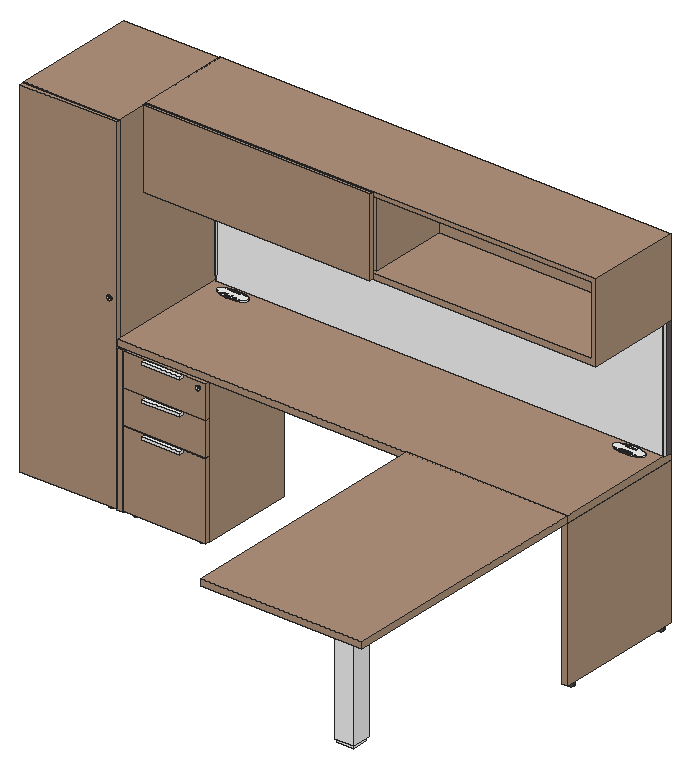
Revit family "Expansion_Casegoods-Private_01-Teknion-R2018", category Furniture Systems, Revit 2018 (continued)
Definition of nested family "Desks-Teknion-B_RPW_Rectangular_Peninsula_Worksurface-R2018"
  Dimensions and locks (in)
    aligned and locked: Sweep 1 sketch curve to plane 3 "Center Left/Right"
    aligned and locked: Sweep 1 sketch curve to plane 4 "Left"
    aligned and locked: plane 6 "Back" to Sweep 1 sketch curve
    aligned and locked: Sweep 1 sketch curve to plane 5 "Right"
    aligned and locked: Sweep 1 sketch curve to plane 7 "Front"
    aligned and locked: plane 3 "Center Left/Right" to Sweep 2 sketch curve
    aligned and locked: plane 9 to Sweep 3 sketch curve
    aligned and locked: level to Sweep 4 sketch curve
    aligned and locked: plane 9 to Sweep 5 sketch curve
    aligned and locked: plane 3 "Center Left/Right" to Sweep 6 sketch curve
    aligned and locked: level to Sweep 7 sketch curve
    aligned and locked: plane 3 "Center Left/Right" to Sweep 7 sketch curve
    aligned and locked: plane 3 "Center Left/Right" to Sweep 8 sketch curve
    aligned and locked: plane 9 to Sweep 9 sketch curve
    aligned and locked: plane 3 "Center Left/Right" to Sweep 9 sketch curve
    aligned and locked: level to Sweep 10 sketch curve
    aligned and locked: Masking region 1 sketch curve to plane 6 "Back"
    aligned and locked: Masking region 1 sketch curve to plane 4 "Left"
    aligned and locked: Masking region 1 sketch curve to plane 5 "Right"
    aligned and locked: plane 7 "Front" to Masking region 1 sketch curve
    aligned and locked: Masking region 2 sketch curve to plane 6 "Back"
    aligned and locked: Masking region 2 sketch curve to Sweep 5  (x4)
    aligned and locked: Sweep 5 to Masking region 2 sketch curve  (x2)
    aligned and locked: curve 1 to Sweep 5
    aligned and locked: curve 2 to Sweep 5
    aligned and locked: Sweep 5 to curve 3
    aligned and locked: curve 4 to Sweep 5
    aligned and locked: curve 5 to Sweep 5
    aligned and locked: Sweep 5 to curve 6
    aligned and locked: plane 6 "Back" to curve 4
    aligned and locked: plane 6 "Back" to curve 6
    aligned and locked: plane 6 "Back" to curve 1
    aligned and locked: plane 6 "Back" to curve 3
    aligned and locked: curve 7 to Sweep 9
    aligned and locked: curve 8 to Sweep 9
    aligned and locked: curve 9 to Sweep 9
    aligned and locked: curve 10 to Sweep 9
    aligned and locked: curve 11 to Sweep 3
    aligned and locked: curve 12 to Sweep 3
    aligned and locked: curve 13 to Sweep 3
    aligned and locked: curve 14 to Sweep 3
    aligned and locked: curve 15 to Sweep 8
    aligned and locked: curve 16 to Sweep 8
    aligned and locked: curve 17 to Sweep 8
    aligned and locked: curve 18 to Sweep 8
    aligned and locked: curve 19 to Sweep 8
    aligned and locked: curve 20 to Sweep 8
    aligned and locked: curve 21 to Sweep 8
    aligned and locked: curve 22 to Sweep 8
    aligned and locked: curve 23 to Sweep 2
    aligned and locked: curve 24 to Sweep 2
    aligned and locked: curve 25 to Sweep 2
    aligned and locked: curve 26 to Sweep 2
    aligned and locked: curve 27 to Sweep 2
    aligned and locked: curve 28 to Sweep 2
    aligned and locked: curve 29 to Sweep 2
    aligned and locked: curve 30 to Sweep 2
    aligned and locked: curve 31 to Sweep 4
    aligned and locked: curve 32 to Sweep 4
    aligned and locked: curve 33 to Sweep 6
    aligned and locked: curve 34 to Sweep 6
    aligned and locked: curve 35 to Sweep 6
    aligned and locked: curve 36 to Sweep 6
    aligned and locked: curve 37 to Sweep 7
    aligned and locked: curve 38 to Sweep 7
    aligned and locked: curve 39 to Sweep 7
    aligned and locked: curve 40 to Sweep 7
    aligned and locked: curve 41 to Sweep 10
    aligned and locked: curve 42 to Sweep 10
    aligned and locked: curve 43 to Sweep 10
    aligned and locked: curve 44 to Sweep 10
    aligned and locked: plane 4 "Left" to nested 5
    aligned and locked: plane 5 "Right" to nested 6
    aligned and locked: plane 6 "Back" to nested 6
    aligned and locked: plane 6 "Back" to nested 5
  Automatic sketch dimensions
    Sweep 2 sketch curve to Sweep 2 sketch curve = 0' - 0"
    Sweep 2 sketch curve to Sweep 2 sketch curve = 0' - 0.49174"
    Sweep 3 sketch curve to plane 3 "Center Left/Right" = 0' - 0"
    plane 1 "Center Front/Back" to Sweep 4 sketch curve = 0' - 7.50862"
    plane 6 "Back" to Sweep 5 sketch curve = 0' - 1.16461"
    Sweep 10 sketch curve to plane 3 "Center Left/Right" = 0' - 0"
    Masking region 2 sketch curve to plane 6 "Back" = 0' - 0"
    radius of Sweep 4 sketch curve = 0' - 0 1/2"
    radius of Sweep 10 sketch curve = 0' - 0 1/2"  (x2)
  Nested families (in)
    nested 1: "Teknion_2D_Node_Family-R2016" at (0.0826, -4.16137, 0), visible <- "Connection Node Visibility", type "Teknion_2D_Node_Family-R2016"
    nested 2: "Teknion_2D_Node_Family-R2016" at (-0.9334, -4.16137, 0) x (-1, 0, 0) z (0, 0, 1), visible <- "Connection Node Visibility", type "Teknion_2D_Node_Family-R2016"
    nested 3: "Teknion_2D_Node_Family-R2016" at (4.3486, -4.99637, 0), visible <- "Elliptical Base Connection Node Visibility", type "Teknion_2D_Node_Family-R2016"
    nested 4: "Teknion_2D_Node_Family-R2016" at (-5.1994, -4.99637, 0) x (-1, 0, 0) z (0, 0, 1), visible <- "Elliptical Base Connection Node Visibility", type "Teknion_2D_Node_Family-R2016"
    nested 5: "Teknion_2D_Node_Family-R2016" at (-12.3664, 25.35463, 0) x (-1, 0, 0) z (0, 0, 1), visible <- "Connection Node Visibility", type "Teknion_2D_Node_Family-R2016"
    nested 6: "Teknion_2D_Node_Family-R2016" at (11.5156, 25.35463, 0) x (-1, 0, 0) z (0, 0, 1), visible <- "Connection Node Visibility", type "Teknion_2D_Node_Family-R2016"
  Definition of nested family "Teknion_2D_Node_Family-R2016"
    Reference planes (in)
      plane 1 "Center (Front/Back)": y = 0
      plane 2: z = 0
      plane 3 "Center (Left/Right)": x = 0
    Lines and regions (in)
      detail lines, in view "Ref. Level"
        curve 1: circle (0, 0, 0) r 1.25 normal (0, 0, 1)
        curve 2: line (1.91508, -1.91508, 0) -> (-1.91508, 1.91508, 0)
        curve 3: line (-1.91508, -1.91508, 0) -> (1.91508, 1.91508, 0)
Definition of nested family "Desk_Accessories-Teknion-BAMPL_Peninsula_Modesty_Panel_Solid-R2018"
  Parameters (values of type "Mono-Leg or Base Peninsula Style, Full Modesty Panel Height")
    Width [instance] = 4' - 0"
    Warranty = "http://www.teknion.com/ca/papers/legal-canada"
    Unit Weight URL = "http://www.teknion.com/ca/tools/assets#&asset=bee6a381-b954-425e-8283-5a2de3a804f2,f828d448-4b62-4231-9e5f-9a8991c0ed77"
    URL = "www.teknion.com"
    To render please download texture images found here [instance] = "https://assets.teknion.com/web/5e81352c1dfdb467/revit-material-swatches/"
    Sustainability Data = "https://www.teknion.com/ca/tools/assets#&topic=216f99a5-57a0-44fc-b10a-9dee9b29ae4c&asset=444deb64-fe58-4b68-981e-f75e97781df7,b4ff2d81-9f2e-437d-9659-7cffb09c31cf"
    Series = "Expansion Casegoods"  # constant formula
    Product Page URL = "https://www.teknion.com/ca/products/product-details?productLineId=0053336e-8e7a-673b-a6c8-ff00004460c4"
    Product Line = "Expansion Casegoods"  # constant formula
    Product Documentation Link = "https://www.teknion.com/pricing/expansion-casegoods/pdfs/Bampl_ppg.pdf"
    Part Number = "BAMPL"  # constant formula
    Modesty Panel Height = 2' - 2.933"
    Modesty Panel Finish [instance] = none
    Model = "BAMPLMF__"
    Manufacturer Phone = "416-661-3370"  # constant formula
    Manufacturer Fax = "416.661.4586"  # constant formula
    Manufacturer Contact Information = "http://www.teknion.com/ca/contactus"
    Manufacturer Address = "1150 Flint Road, Toronto, ON. M3J 2J5. Canada"  # constant formula
    Manufacturer = "Teknion"  # constant formula
    How To Use Teknion Materials User Guide [instance] = "https://assets.teknion.com/m/205dd0a49fa58060/original/How-to-add-a-Material-Library-and-Texture-Images-to-your-Revit-project.pdf"
    For Additional Finishes please visit [instance] = "https://assets.teknion.com/m/44a8009b046e5d47/original/Teknion_Materials_Library.zip"
    Dual Leg = no
    Description = "Peninsula Modesty Panel – Solid, Mono-Leg or Base Peninsula Style, Full Modesty Panel Height"
    Available Widths [instance] = "48, 54, 60, 66, 72, 78, or 84 inches."  # constant formula
    Assembly Code = "E2020200"
    Actual Width [instance] = if(and(Dual Leg, Width = 4' 0"), 2' 9.268", if(and(Dual Leg, Width = 4' 6"), 3' 3.24", if(and(Dual Leg, Width = 5' 0"), 3' 9.209", if(and(Dual Leg, Width = 5' 6"), 4' 3.177", if(and(Dual Leg, Width = 6' 0"), 4' 9.15", if(and(Dual Leg, Width = 6' 6"), 5' 3.118", if(and(Dual Leg, Width = 7' 0"), 5' 9.091", if(and(not(Dual Leg), Width = 4' 0"), 2' 1.484", if(and(not(Dual Leg), Width = 4' 6"), 2' 7.453", if(and(not(Dual Leg), Width = 5' 0"), 3' 1.425", if(and(not(Dual Leg), Width = 5' 6"), 3' 7.394", if(and(not(Dual Leg), Width = 6' 0"), 4' 1.362", if(and(not(Dual Leg), Width = 6' 6"), 4' 7.335", 5' 1.303")))))))))))))  # 2' - 1.484"
  Types (4): name | Modesty Panel Height | Model | Dual Leg | Description | Actual Width
    (no name) | 2' - 2.933" | "BAMPLMF__" | no | "Peninsula Modesty Panel – Solid, Mono-Leg or Base Peninsula Style, Full Modesty Panel Height" | 2' - 1.484"
    Dual-Leg Peninsula Style, Half Modesty Panel Height | 0' - 11" | "BAMPLDH__" | yes | "Peninsula Modesty Panel – Solid, Dual-Leg Peninsula Style, Half Modesty Panel Height" | 2' - 9.268"
    Mono-Leg or Base Peninsula Style, Full Modesty Panel Height | 2' - 2.933" | "BAMPLMF__" | no | "Peninsula Modesty Panel – Solid, Mono-Leg or Base Peninsula Style, Full Modesty Panel Height" | 2' - 1.484"
    Mono-Leg or Base Peninsula Style, Half Modesty Panel Height | 0' - 11" | "BAMPLMH__" | no | "Peninsula Modesty Panel – Solid, Mono-Leg or Base Peninsula Style, Half Modesty Panel Height" | 2' - 1.484"
  Reference planes (in)
    plane 1 "Center Front/Back": y = -3.91715
    plane 2: z = 0
    plane 3 "Center Left/Right": x = 0
    plane 4 "Left": x = -0.50787
    plane 5 "Right": x = 0.50787
    plane 6 "Back": y = 8.82485
    plane 7 "Front": y = -16.65915
    plane 8 "Top": z = 27.53543
    plane 9: z = 0.60243
  Forms (in)
    Sweep 1, solid, material <- "Modesty Panel Finish"
      path origin (0, -3.91715, 0) x (1, 0, 0) y (0, 0, 1)
        loop
          line (0, 0.60243) -> (0, 27.53543)
      profile origin (0, -3.91715, 14.06893) x (-1, 0, 0) y (0, -1, 0)
        loop
          line (0.50787, 12.742) -> (-0.50787, 12.742) -> (-0.50787, -12.742) -> (0.50787, -12.742) -> (0.50787, 12.742)
  Lines and regions (in)
    symbolic lines, detail levels medium+fine
      curve 1: line (-0.50787, 8.82485, 0) -> (-0.50787, -16.65915, 0)
      curve 2: line (0.50787, 8.82485, 0) -> (0.50787, -16.65915, 0)
      curve 3: line (-0.50787, 8.82485, 0) -> (0.50787, 8.82485, 0)
      curve 4: line (-0.50787, -16.65915, 0) -> (0.50787, -16.65915, 0)
  Dimensions and locks (in)
    plane 4 "Left" to plane 3 "Center Left/Right" to plane 5 "Right" = 0' - 0.50787" locked, 0' - 0.50787" locked
    "Actual Width": plane 6 "Back" to plane 7 "Front"
    locked: plane 8 "Top" to level at 27.53543
    equal spacing: plane 6 "Back", plane 1 "Center Front/Back", plane 7 "Front"
    "Modesty Panel Height": plane 8 "Top" to plane 9
    aligned and locked: level to plane 2
    aligned and locked: nested 1 to plane 7 "Front"
    aligned and locked: nested 1 to plane 3 "Center Left/Right"
    aligned and locked: plane 8 "Top" to Sweep 1 sketch curve
    aligned and locked: plane 9 to Sweep 1 sketch curve
    aligned and locked: plane 3 "Center Left/Right" to Sweep 1 sketch curve
    aligned and locked: Sweep 1 sketch curve to plane 7 "Front"
    aligned and locked: plane 5 "Right" to Sweep 1 sketch curve
    aligned and locked: Sweep 1 sketch curve to plane 4 "Left"
    aligned and locked: Sweep 1 sketch curve to plane 6 "Back"
    aligned and locked: curve 1 to plane 4 "Left"
    aligned and locked: plane 5 "Right" to curve 2
    aligned and locked: curve 3 to plane 6 "Back"
    aligned and locked: curve 4 to plane 7 "Front"
  Nested families (in)
    nested 1: "Teknion_2D_Node_Family-R2016" at (0, -16.65915, 0), type "Teknion_2D_Node_Family-R2016"
  Definition of nested family "Teknion_2D_Node_Family-R2016"
    Reference planes (in)
      plane 1 "Center (Front/Back)": y = 0
      plane 2: z = 0
      plane 3 "Center (Left/Right)": x = 0
    Lines and regions (in)
      detail lines, in view "Ref. Level"
        curve 1: circle (0, 0, 0) r 1.25 normal (0, 0, 1)
        curve 2: line (1.91508, -1.91508, 0) -> (-1.91508, 1.91508, 0)
        curve 3: line (-1.91508, -1.91508, 0) -> (1.91508, 1.91508, 0)
Definition of nested family "Storage-Mounted-Teknion-B_WPO-Wall_Panel_for_Overhead_Cabinet-R2018"
  Parameters (values of type "On 1" Thick Standard Worksurface")
    Width [instance] = 4' - 0"
    Warranty = "http://www.teknion.com/ca/papers/legal-canada"
    Unit Weight URL = "http://www.teknion.com/pricing/expansion-casegoods/pdfs/wv.pdf"
    URL = "http://www.teknion.com/"
    Tackboard Upholstery Finish [instance] = none
    Tackboard Bottom Starting Offset [instance] = if(and(High Secondary Desk Mounting Style, not(Has Accessory Rail)), 2' 2.972", if(and([1" Thick Standard Worksurface Mounting Style], not(Has Accessory Rail)), 2' 4.823", if(and([1-3/16" Thick Standard Worksurface Mounting Style], not(Has Accessory Rail)), 2' 4.996", if(and([1-9/16" Thick Standard Worksurface Mounting Style], not(Has Accessory Rail)), 2' 5.362", 2' 10.62"))))  # 2' - 10.62"
    Sustainability Data = "http://www.teknion.com/about-teknion/environment/datasheets.asp"
    Standard Overhead Cabinet (15" High) [instance] = yes
    Series = "Expansion Casegoods"  # constant formula
    Product Page URL = "http://www.teknion.com/ca/products/product-details?productlineid=0053336e-8e7a-673b-a6c8-ff00004460c4"
    Product Line = "Expansion Casegoods"  # constant formula
    Product Documentation Link #7 = "http://www.teknion.com/pricing/Expansion-Casegoods/pdfs/BBAS_ppg.pdf"
    Product Documentation Link #5 = "http://www.teknion.com/pricing/Expansion-Casegoods/pdfs/BBWAM_ppg.pdf"
    Product Documentation Link #4 = "http://www.teknion.com/pricing/Expansion-Casegoods/pdfs/BBWAE_ppg.pdf"
    Product Documentation Link #3 = "http://www.teknion.com/pricing/Expansion-Casegoods/pdfs/BBWAP_ppg.pdf"
    Product Documentation Link #2 = "http://www.teknion.com/pricing/Expansion-Casegoods/pdfs/BBWAT_ppg.pdf"
    Product Documentation Link = "http://www.teknion.com/pricing/Expansion-Casegoods/pdfs/B_WPO_ppg.pdf"
    Power/Data Visibility [instance] = if(and(not(Low Secondary Desk Mounting Style), not(Has Accessory Rail), or(Has Glass Markerboard, Has Porcelain Markerboard, Has Fabric Tackboard, Has Felt Tackboard)), 1 > 2, not(No Power and Data))  # no
    Power/Data Plan View Offset [instance] = if(or([Power and Data Under Worksurface - Left], [Power and Data Over Worksurface - Left]), 1' 3", if(or([Power and Data Under Worksurface - Right], [Power and Data Over Worksurface - Right]), Actual Width - 1' 3", Actual Width / 2))  # 1' - 11.88"
    Power and Data Under Worksurface - Right [instance] = no
    Power and Data Under Worksurface - Left [instance] = no
    Power and Data Under Worksurface - Center [instance] = no
    Power and Data Over Worksurface - Right [instance] = no
    Power and Data Over Worksurface - Left [instance] = no
    Power and Data Over Worksurface - Center [instance] = no
    Power Data Height Offset [instance] = if(High Secondary Desk Mounting Style, 0' 3.648", if([1" Thick Standard Worksurface Mounting Style], 0' 1.797", if([1-3/16" Thick Standard Worksurface Mounting Style], 0' 1.624", if([1-9/16" Thick Standard Worksurface Mounting Style], 0' 1.258", if(and(Low Secondary Desk Mounting Style, or([Power and Data Over Worksurface - Center], [Power and Data Over Worksurface - Left], [Power and Data Over Worksurface - Right])), 1' 1.195", 0' 3.48")))))  # 0' - 1.797"
    Porcelain/Glass Markerboard Visibility [instance] = or(Has Glass Markerboard, Has Porcelain Markerboard)  # no
    Part Number = "B_WPO"  # constant formula
    Panel Finish [instance] = none
    Overhead Style Cut-Out [instance] = if(and(or(High Secondary Desk Mounting Style, Low Secondary Desk Mounting Style), [Cubic Overhead Cabinet (16" or 18" High)]), 1' 5.281", 1' 1.866")  # 1' - 1.866"
    Overhead Style [instance] = if(or(High Secondary Desk Mounting Style, Low Secondary Desk Mounting Style), "Please choose the type of cabinet that will mount on top of the wall panel below.", "Please choose the Standard Overhead Cabinet option below.")  # "Please choose the Standard Overhead Cabinet option below."
    No Power and Data [instance] = not(or([Power and Data Over Worksurface - Center], [Power and Data Over Worksurface - Left], [Power and Data Over Worksurface - Right], [Power and Data Under Worksurface - Center], [Power and Data Under Worksurface - Left], [Power and Data Under Worksurface - Right]))  # yes
    Light Shelf Note [instance] = "Light Shelf can only be specified if the Has Accessory Rail option is selected above."  # constant formula
    Light Shelf Finish [instance] = none
    Has Porcelain Markerboard [instance] = no
    Has No Accessory Board [instance] = not(or(Has Glass Markerboard, Has Porcelain Markerboard, Has Fabric Tackboard, Has Felt Tackboard))  # yes
    Has Light Shelf [instance] = no
    Has Felt Tackboard [instance] = no
    Fabric/Felt Tackboard Visibility [instance] = or(Has Fabric Tackboard, Has Felt Tackboard)  # no
    Cubic Overhead Cabinet (16" or 18" High) [instance] = not([Standard Overhead Cabinet (15" High)])  # no
    Available Widths [instance] = if([Cubic Overhead Cabinet (16" or 18" High)], "36, 54, or 72 inches.", "24, 30, 36, 42, 48, 54, 60, 66, 72, 78, or 84 inches.")  # "24, 30, 36, 42, 48, 54, 60, 66, 72, 78, or 84 inches."
    Model = "BDWPO________"
    Manufacturer Phone = "416-661-3370"  # constant formula
    Manufacturer Fax = "416.661.4586"  # constant formula
    Manufacturer Contact Information = "http://www.teknion.com/ca/contactus"
    Manufacturer Address = "1150 Flint Road, Toronto, ON. M3J 2J5. Canada"
    Manufacturer = "Teknion"  # constant formula
    Low Secondary Desk Mounting Style = no
    High Secondary Desk Mounting Style = no
    Has Fabric Tackboard [instance] = no
    Has Glass Markerboard [instance] = no
    Has Accessory Rail [instance] = yes
    Glass Markerboard Finish [instance] = none
    Description = "Wall Panel for Overhead Cabinet, On 1\" Thick Standard Worksurface"
    Datum Height Note [instance] = "Please choose one of the following options below."  # constant formula
    Bottom of Wall Panel Height = if(High Secondary Desk Mounting Style, 2' 2.972", if(Low Secondary Desk Mounting Style, 1' 5.425", if([1" Thick Standard Worksurface Mounting Style], 2' 4.823", if([1-3/16" Thick Standard Worksurface Mounting Style], 2' 4.996", 2' 5.362"))))  # 2' - 4.823"
    Available Electrical Options [instance] = if(or(Width = 3' 0", Width = 3' 6"), "Choose between No Power and Data, Power and Data Under Worksurface - Center, or Power and Data Over Worksurface - Center", if(and(Low Secondary Desk Mounting Style, not(or(Width = 2' 0", Width = 2' 6", Width = 3' 0", Width = 3' 6"))), "Choose one of the following options below.", "Choose between Power and Data Over Worksurface - Center, Power and Data Over Worksurface - Left, Power and Data Over Worksurface - Right, or No Power and Data."))  # "Choose between Power and Data Over Worksurface - Center, Power and Data Over Worksurface - Left, Power and Data Over Worksurface - Right, or No Power and Data."
    Assembly Code = "E2020200"
    Actual Width [instance] = if(Width = 2' 0", 1' 11.88", if(Width = 2' 6", 2' 5.85", if(Width = 3' 0", 2' 11.82", if(Width = 3' 6", 3' 5.79", if(Width = 4' 0", 3' 11.76", if(Width = 4' 6", 4' 5.73", if(Width = 5' 0", 4' 11.7", if(Width = 5' 6", 5' 5.67", if(Width = 6' 0", 5' 11.64", if(Width = 6' 6", 6' 5.61", if(Width = 7' 0", 6' 11.58", 7' 5.551")))))))))))  # 3' - 11.76"
    Actual Height [instance] = if([72" Datum Height], 5' 10.925", 5' 4.673")  # 5' - 10.925"
    Accessory Rail Finish [instance] = none
    Accessories Note [instance] = "Choose one of the following options below."  # constant formula
    72" Datum Height [instance] = not([66" Datum Height])  # yes
    66" Datum Height [instance] = no
    1-9/16" Thick Standard Worksurface Mounting Style = no
    1-3/16" Thick Standard Worksurface Mounting Style = no
    1" Thick Standard Worksurface Mounting Style = yes
  Types (5): name | Width | Power/Data Plan View Offset | Power Data Height Offset | Overhead Style | Model | Low Secondary Desk Mounting Style | High Secondary Desk Mounting Style | Description | Bottom of Wall Panel Height | Available Electrical Options | Actual Width | 1-9/16" Thick Standard Worksurface Mounting Style | 1-3/16" Thick Standard Worksurface Mounting Style | 1" Thick Standard Worksurface Mounting Style
    On High Secondary Desk | 6' - 0" | 2' - 11.82" | 0' - 3.648" | "Please choose the type of cabinet that will mount on top of the wall panel below." | "BHWPO________" | no | yes | "Wall Panel for Overhead Cabinet, High Secondary Desk" | 2' - 2.972" | "Choose between Power and Data Over Worksurface - Center, Power and Data Over Worksurface - Left, Power and Data Over Worksurface - Right, or No Power and Data." | 5' - 11.64" | no | no | no
    On Low Secondary Desk | 4' - 0" | 1' - 11.88" | 0' - 3.48" | "Please choose the type of cabinet that will mount on top of the wall panel below." | "BLWPO________" | yes | no | "Wall Panel for Overhead Cabinet, Low Secondary Desk" | 1' - 5.425" | "Choose one of the following options below." | 3' - 11.76" | no | no | no
    On 1" Thick Standard Worksurface | 4' - 0" | 1' - 11.88" | 0' - 1.797" | "Please choose the Standard Overhead Cabinet option below." | "BDWPO________" | no | no | "Wall Panel for Overhead Cabinet, On 1\" Thick Standard Worksurface" | 2' - 4.823" | "Choose between Power and Data Over Worksurface - Center, Power and Data Over Worksurface - Left, Power and Data Over Worksurface - Right, or No Power and Data." | 3' - 11.76" | no | no | yes
    On 1-3/16" Thick Standard Worksurface | 4' - 0" | 1' - 11.88" | 0' - 1.624" | "Please choose the Standard Overhead Cabinet option below." | "BMWPO________" | no | no | "Wall Panel for Overhead Cabinet, On 1-3/16\" Thick Standard Worksurface" | 2' - 4.996" | "Choose between Power and Data Over Worksurface - Center, Power and Data Over Worksurface - Left, Power and Data Over Worksurface - Right, or No Power and Data." | 3' - 11.76" | no | yes | no
    On 1-9/16" Thick Standard Worksurface | 4' - 0" | 1' - 11.88" | 0' - 1.258" | "Please choose the Standard Overhead Cabinet option below." | "BXWPO________" | no | no | "Wall Panel for Overhead Cabinet, On 1-9/16\" Thick Standard Worksurface" | 2' - 5.362" | "Choose between Power and Data Over Worksurface - Center, Power and Data Over Worksurface - Left, Power and Data Over Worksurface - Right, or No Power and Data." | 3' - 11.76" | yes | no | no
  Reference planes (in)
    plane 1 "Center F/B": y = 0
    plane 2 "Bottom of Panel": z = 28.823
    plane 3 "Center L/R": x = 0
    plane 4 "Left": x = -23.88
    plane 5 "Right": x = 23.88
    plane 6 "Back": y = 0.5
    plane 7 "Front": y = -0.5
    plane 8 "Top": z = 70.925
    plane 9: z = 0
    plane 10: z = 34.38
    plane 11: y = -0.98071
    plane 12 "Power/Data Offset": x = 0
    plane 13 "Power/Data Height Offset": z = 30.62
    plane 14: z = 57.059
    plane 15: y = -5.82638
    plane 16: x = -23.38
  Forms (in)
    Sweep 1, solid, material <- "Panel Finish"
      path origin (0, 0, 0) x (1, 0, 0) y (0, 1, 0)
        loop
          line (-23.88, 0) -> (23.88, 0)
      profile origin (0, 0, 0) x (0, 1, 0) y (0, 0, 1)
        loop
          line (0.5, 70.925) -> (-0.5, 70.925) -> (-0.5, 28.823) -> (0.5, 28.823) -> (0.5, 70.925)
    Sweep 2, solid, material <- "Accessory Rail Finish", visible <- "Has Accessory Rail"
      path origin (0, 0, -37.58062) x (1, 0, 0) y (0, 1, 0)
        loop
          line (-23.38, 0) -> (23.88, 0)
      profile origin (0.25, 0, -37.58062) x (0, 1, 0) y (0, 0, 1)
        loop
          line (-0.5, 72.19685) -> (-1.18504, 72.19685) -> (-1.18504, 72.09842) -> (-1.46063, 72.09842) -> (-1.46063, 71.2874) -> (-0.5, 71.2874) -> (-0.5, 72.19685)
    Sweep 3, solid, visible <- "Power/Data Visibility"
      path origin (0, 0, -27.56363) x (1, 0, 0) y (0, 1, 0)
        loop
          line (-7.48031, 0) -> (7.48031, 0)
      profile origin (0, 0, -27.56363) x (0, 1, 0) y (0, 0, 1)
        loop
          line (-0.7126, 60.8608) -> (-0.7126, 58.18363) -> (-0.5, 58.18363) -> (-0.5, 60.8608) -> (-0.7126, 60.8608)
    Sweep 4, solid, material <- "Tackboard Upholstery Finish", visible <- "Fabric/Felt Tackboard Visibility"
      path origin (0, 0, -16.37402) x (1, 0, 0) y (0, 1, 0)
        loop
          line (-23.38, 0) -> (23.88, 0)
      profile origin (0.25, 0, -16.37402) x (0, 1, 0) y (0, 0, 1)
        loop
          line (-1.18504, 50.99402) -> (-0.5, 50.99402) -> (-0.5, 73.43302) -> (-1.18504, 73.43302) -> (-1.18504, 50.99402)
    Extrusion 5, solid, visible <- "Power/Data Visibility"
      sketch origin (0, -0.5, -0.18961) x (1, 0, 0) y (0, 0, 1)
        loop
          line (-3.62205, 32.93944) -> (-6.92913, 32.93944) -> (-6.92913, 31.36464) -> (-3.62205, 31.36464) -> (-3.62205, 32.93944)
      from 0.2126 to 0.64961
    Extrusion 6, solid, visible <- "Power/Data Visibility"
      sketch origin (10.5, -0.5, -0.18961) x (1, 0, 0) y (0, 0, 1)
        loop
          line (-4.88976, 32.67969) -> (-4.88976, 31.6167) -> (-3.82677, 31.6167) -> (-3.82677, 32.67969) -> (-4.88976, 32.67969)
        loop
          line (-3.95276, 32.3982) -> (-3.95276, 32.49269) -> (-4.26772, 32.49269) -> (-4.26772, 32.3982) -> (-3.95276, 32.3982)
        loop
          arc (-4.54331, 32.05371) -> (-4.44882, 32.1482) -> (-4.54331, 32.24269) r 0.09449
          line (-4.54331, 32.24269) -> (-4.70079, 32.24269) -> (-4.70079, 32.05371) -> (-4.54331, 32.05371)
        loop
          line (-4.26772, 31.8982) -> (-4.26772, 31.80371) -> (-3.95276, 31.80371) -> (-3.95276, 31.8982) -> (-4.26772, 31.8982)
      from 0.2126 to 0.29291
    Extrusion 7, solid, visible <- "Power/Data Visibility"
      sketch origin (9.24016, -0.5, -0.18961) x (1, 0, 0) y (0, 0, 1)
        loop
          line (-4.88976, 32.67969) -> (-4.88976, 31.6167) -> (-3.82677, 31.6167) -> (-3.82677, 32.67969) -> (-4.88976, 32.67969)
        loop
          line (-3.95276, 32.3982) -> (-3.95276, 32.49269) -> (-4.26772, 32.49269) -> (-4.26772, 32.3982) -> (-3.95276, 32.3982)
        loop
          arc (-4.54331, 32.05371) -> (-4.44882, 32.1482) -> (-4.54331, 32.24269) r 0.09449
          line (-4.54331, 32.24269) -> (-4.70079, 32.24269) -> (-4.70079, 32.05371) -> (-4.54331, 32.05371)
        loop
          line (-4.26772, 31.8982) -> (-4.26772, 31.80371) -> (-3.95276, 31.80371) -> (-3.95276, 31.8982) -> (-4.26772, 31.8982)
      from 0.2126 to 0.29291
    Extrusion 8, solid, visible <- "Power/Data Visibility"
      sketch origin (7.98031, -0.5, -0.18961) x (1, 0, 0) y (0, 0, 1)
        loop
          line (-4.88976, 32.67969) -> (-4.88976, 31.6167) -> (-3.82677, 31.6167) -> (-3.82677, 32.67969) -> (-4.88976, 32.67969)
        loop
          line (-3.95276, 32.3982) -> (-3.95276, 32.49269) -> (-4.26772, 32.49269) -> (-4.26772, 32.3982) -> (-3.95276, 32.3982)
        loop
          arc (-4.54331, 32.05371) -> (-4.44882, 32.1482) -> (-4.54331, 32.24269) r 0.09449
          line (-4.54331, 32.24269) -> (-4.70079, 32.24269) -> (-4.70079, 32.05371) -> (-4.54331, 32.05371)
        loop
          line (-4.26772, 31.8982) -> (-4.26772, 31.80371) -> (-3.95276, 31.80371) -> (-3.95276, 31.8982) -> (-4.26772, 31.8982)
      from 0.2126 to 0.29291
    Extrusion 9, solid, visible <- "Power/Data Visibility"
      sketch origin (6.72047, -0.5, -0.18961) x (1, 0, 0) y (0, 0, 1)
        loop
          line (-4.88976, 32.67969) -> (-4.88976, 31.6167) -> (-3.82677, 31.6167) -> (-3.82677, 32.67969) -> (-4.88976, 32.67969)
        loop
          line (-3.95276, 32.3982) -> (-3.95276, 32.49269) -> (-4.26772, 32.49269) -> (-4.26772, 32.3982) -> (-3.95276, 32.3982)
        loop
          arc (-4.54331, 32.05371) -> (-4.44882, 32.1482) -> (-4.54331, 32.24269) r 0.09449
          line (-4.54331, 32.24269) -> (-4.70079, 32.24269) -> (-4.70079, 32.05371) -> (-4.54331, 32.05371)
        loop
          line (-4.26772, 31.8982) -> (-4.26772, 31.80371) -> (-3.95276, 31.80371) -> (-3.95276, 31.8982) -> (-4.26772, 31.8982)
      from 0.2126 to 0.29291
    Extrusion 10, solid, visible <- "Power/Data Visibility"
      sketch origin (4.25, -0.5, -0.18961) x (1, 0, 0) y (0, 0, 1)
        loop
          circle (-5.14568, 32.14822) r 0.1516
      from 0.2126 to 0.46457
    Sweep 11, solid, visible <- "Porcelain/Glass Markerboard Visibility"
      path origin (0, 0, 0) x (1, 0, 0) y (0, 1, 0)
        loop
          line (-23.38, 0) -> (23.88, 0)
      profile origin (0.25, 0, 0) x (0, 1, 0) y (0, 0, 1)
        loop
          line (-1.18504, 34.62) -> (-0.98071, 34.62) -> (-0.98071, 57.059) -> (-1.18504, 57.059) -> (-1.18504, 34.62)
    Sweep 12, solid, material <- "Glass Markerboard Finish", visible <- "Porcelain/Glass Markerboard Visibility"
      path origin (0, 0, 0) x (1, 0, 0) y (0, 1, 0)
        loop
          line (-23.38, 0) -> (23.88, 0)
      profile origin (0.25, 0, 0) x (0, 1, 0) y (0, 0, 1)
        loop
          line (-0.98071, 34.62) -> (-0.5, 34.62) -> (-0.5, 57.059) -> (-0.98071, 57.059) -> (-0.98071, 34.62)
    Extrusion 13, solid, material <- "Light Shelf Finish", visible <- "Has Light Shelf"
      sketch origin (-17.91, 0, -20.33308) x (0, 1, 0) y (0, 0, 1)
        loop
          line (-5.82638, 54.92869) -> (-5.82638, 54.69247) -> (-1.46063, 54.69247) -> (-1.46063, 54.85388) -> (-1.18071, 54.85388) -> (-1.18071, 54.92869) -> (-5.82638, 54.92869)
      from -5.47 to 41.79
    Sweep 14, void
      path origin (0, 0, 0) x (1, 0, 0) y (0, 1, 0)
        loop
          line (0, -5.82638) -> (0, 0.5)
      profile origin (0, -2.66319, 0) x (-1, 0, 0) y (0, 0, 1)
        loop
          line (23.88, 70.925) -> (23.17921, 70.925) -> (23.17921, 57.059) -> (23.88, 57.059) -> (23.88, 70.925)
        loop
          line (-23.18094, 70.925) -> (-23.88, 70.925) -> (-23.88, 57.059) -> (-23.18094, 57.059) -> (-23.18094, 70.925)
    Sweep 15, solid, material <- "Accessory Rail Finish"
      path origin (0, 0, 0) x (1, 0, 0) y (0, 1, 0)
        loop
          line (-23.63, -1.01575) -> (-23.63, -0.5)
      profile origin (-23.63, -0.75787, 0) x (-1, 0, 0) y (0, 0, 1)
        loop
          line (-0.25, 29.82344) -> (0.25, 29.82344) -> (0.25, 57.059) -> (-0.25, 57.059) -> (-0.25, 29.82344)
  Cuts and joins
    Sweep 14 cuts Sweep 1
  Lines and regions (in)
    Masking region 1
      outline origin (0, 0, 0) x (1, 0, 0) y (0, 1, 0)
        loop
          line (-23.88, 0.5) -> (-23.88, -1.01575) -> (-23.38, -1.01575) -> (-23.38, -0.5) -> (23.88, -0.5) -> (23.88, 0.5) -> (-23.88, 0.5)
    Masking region 2, visible <- "Has Light Shelf"
      outline origin (0, 0, 0) x (1, 0, 0) y (0, 1, 0)
        loop
          line (-23.38, -1.07132) -> (-23.38, -5.82638) -> (23.88, -5.82638) -> (23.88, -1.07132) -> (-23.38, -1.07132)
    Masking region 3
      outline origin (0, 0, 0) x (1, 0, 0) y (0, 1, 0)
        loop
          line (-23.38, -1.46063) -> (23.88, -1.46063) -> (23.88, -0.5) -> (-23.38, -0.5) -> (-23.38, -1.46063)
    symbolic lines
      curve 1: line (-23.88, -0.5, 0) -> (23.88, -0.5, 0)
      curve 21: line (-23.17921, -0.5, 0) -> (-23.17921, 0.5, 0)
      curve 22: line (23.18094, 0.5, 0) -> (23.18094, -0.5, 0)
      curve 23: line (-23.38, -1.18504, 0) -> (23.88, -1.18504, 0)
    symbolic lines, visible <- "Power/Data Visibility", detail levels fine
      curve 2: line (-7.48031, -0.7126, 0) -> (7.48031, -0.7126, 0)
      curve 3: line (7.48031, -0.7126, 0) -> (7.48031, -0.5, 0)
      curve 4: line (7.48031, -0.5, 0) -> (-7.48031, -0.5, 0)
      curve 5: line (-7.48031, -0.5, 0) -> (-7.48031, -0.7126, 0)
      curve 6: line (1.83071, -0.7126, 0) -> (1.83071, -0.79291, 0)
      curve 7: line (1.83071, -0.79291, 0) -> (2.8937, -0.79291, 0)
      curve 8: line (2.8937, -0.79291, 0) -> (2.8937, -0.7126, 0)
      curve 9: line (3.09055, -0.7126, 0) -> (3.09055, -0.79291, 0)
      curve 10: line (3.09055, -0.79291, 0) -> (4.15354, -0.79291, 0)
      curve 11: line (4.35039, -0.79291, 0) -> (5.41339, -0.79291, 0)
      curve 12: line (5.61024, -0.79291, 0) -> (6.67323, -0.79291, 0)
      curve 13: line (6.67323, -0.79291, 0) -> (6.67323, -0.7126, 0)
      curve 14: line (-3.62205, -1.14961, 0) -> (-3.62205, -0.7126, 0)
      curve 15: line (-6.92913, -1.14961, 0) -> (-3.62205, -1.14961, 0)
      curve 16: line (-6.92913, -0.7126, 0) -> (-6.92913, -1.14961, 0)
    reference lines, not visible
      curve 17: line (23.88, -0.5, 0) -> (-23.88, -0.5, 0)
      curve 18: line (-23.88, 0.5, 0) -> (-23.88, -0.5, 0)
      curve 19: line (-23.88, 0.5, 0) -> (23.88, 0.5, 0)
      curve 20: line (23.88, 0.5, 0) -> (23.88, -0.5, 0)
    symbolic lines, visible <- "Has Glass Markerboard", detail levels medium+fine
      curve 24: line (-23.38, -0.98071, 0) -> (23.88, -0.98071, 0)
  Dimensions and locks (in)
    equal spacing: plane 4 "Left", plane 3 "Center L/R", plane 5 "Right"
    equal spacing: plane 6 "Back", plane 1 "Center F/B", plane 7 "Front"
    locked: plane 6 "Back" to plane 7 "Front" at 1
    "Actual Width": plane 4 "Left" to plane 5 "Right"
    locked: plane 7 "Front" to Sweep 2 sketch curve at 0.96063
    Sweep 3 sketch curve to Sweep 3 sketch curve to plane 13 "Power/Data Height Offset" = 0' - 2.67717" locked, 0' - 0" locked
    locked: plane 7 "Front" to Sweep 4 sketch curve at 0.68504
    Sweep 2 sketch curve to Sweep 2 sketch curve to plane 10 to Sweep 2 sketch curve = 0' - 0.09843" locked, 0' - 0.1378" locked, 0' - 0.67322" locked
    "Bottom of Wall Panel Height": plane 2 "Bottom of Panel" to plane 9
    "Actual Height": plane 8 "Top" to plane 9
    locked: plane 10 to level at 34.38
    plane 12 "Power/Data Offset" to Extrusion 5 sketch curve to Extrusion 5 sketch curve = 0' - 3.62205" locked, 0' - 3.30709" locked
    Extrusion 5 sketch curve to Extrusion 5 sketch curve to plane 13 "Power/Data Height Offset" = 0' - 1.5748" locked, 0' - 0.55502" locked
    Extrusion 6 sketch curve to Extrusion 6 sketch curve to plane 12 "Power/Data Offset" = 0' - 1.06299" locked, 0' - 5.61024" locked
    Extrusion 6 sketch curve to Extrusion 6 sketch curve to plane 13 "Power/Data Height Offset" = 0' - 1.06299" locked, 0' - 0.80709" locked
    Extrusion 6 sketch curve to Extrusion 6 sketch curve to Extrusion 6 sketch curve to Extrusion 6 sketch curve to Extrusion 6 sketch curve to Extrusion 6 sketch curve to Extrusion 6 sketch curve = 0' - 0.12598" locked, 0' - 0" locked, 0' - 0.31496" locked, 0' - 0" locked, 0' - 0.27559" locked, 0' - 0.15748" locked
    Extrusion 6 sketch curve to Extrusion 6 sketch curve to Extrusion 6 sketch curve to Extrusion 6 sketch curve to Extrusion 6 sketch curve to Extrusion 6 sketch curve to Extrusion 6 sketch curve to Extrusion 6 sketch curve = 0' - 0.18701" locked, 0' - 0.09449" locked, 0' - 0.15551" locked, 0' - 0.09449" locked, 0' - 0.09449" locked, 0' - 0.15551" locked, 0' - 0.09449" locked
    Extrusion 7 sketch curve to Extrusion 7 sketch curve to plane 12 "Power/Data Offset" = 0' - 1.06299" locked, 0' - 4.35039" locked
    Extrusion 7 sketch curve to Extrusion 7 sketch curve to plane 13 "Power/Data Height Offset" = 0' - 1.06299" locked, 0' - 0.80709" locked
    Extrusion 7 sketch curve to Extrusion 7 sketch curve to Extrusion 7 sketch curve to Extrusion 7 sketch curve to Extrusion 7 sketch curve to Extrusion 7 sketch curve to Extrusion 7 sketch curve = 0' - 0.12598" locked, 0' - 0" locked, 0' - 0.31496" locked, 0' - 0" locked, 0' - 0.27559" locked, 0' - 0.15748" locked
    Extrusion 7 sketch curve to Extrusion 7 sketch curve to Extrusion 7 sketch curve to Extrusion 7 sketch curve to Extrusion 7 sketch curve to Extrusion 7 sketch curve to Extrusion 7 sketch curve to Extrusion 7 sketch curve = 0' - 0.18701" locked, 0' - 0.09449" locked, 0' - 0.15551" locked, 0' - 0.09449" locked, 0' - 0.09449" locked, 0' - 0.15551" locked, 0' - 0.09449" locked
    Extrusion 8 sketch curve to Extrusion 8 sketch curve to plane 12 "Power/Data Offset" = 0' - 1.06299" locked, 0' - 3.09055" locked
    Extrusion 8 sketch curve to Extrusion 8 sketch curve to plane 13 "Power/Data Height Offset" = 0' - 1.06299" locked, 0' - 0.80709" locked
    Extrusion 8 sketch curve to Extrusion 8 sketch curve to Extrusion 8 sketch curve to Extrusion 8 sketch curve to Extrusion 8 sketch curve to Extrusion 8 sketch curve to Extrusion 8 sketch curve = 0' - 0.12598" locked, 0' - 0" locked, 0' - 0.31496" locked, 0' - 0" locked, 0' - 0.27559" locked, 0' - 0.15748" locked
    Extrusion 8 sketch curve to Extrusion 8 sketch curve to Extrusion 8 sketch curve to Extrusion 8 sketch curve to Extrusion 8 sketch curve to Extrusion 8 sketch curve to Extrusion 8 sketch curve to Extrusion 8 sketch curve = 0' - 0.18701" locked, 0' - 0.09449" locked, 0' - 0.15551" locked, 0' - 0.09449" locked, 0' - 0.09449" locked, 0' - 0.15551" locked, 0' - 0.09449" locked
    Extrusion 9 sketch curve to Extrusion 9 sketch curve to plane 12 "Power/Data Offset" = 0' - 1.06299" locked, 0' - 1.83071" locked
    Extrusion 9 sketch curve to Extrusion 9 sketch curve to plane 13 "Power/Data Height Offset" = 0' - 1.06299" locked, 0' - 0.80709" locked
    Extrusion 9 sketch curve to Extrusion 9 sketch curve to Extrusion 9 sketch curve to Extrusion 9 sketch curve to Extrusion 9 sketch curve to Extrusion 9 sketch curve to Extrusion 9 sketch curve = 0' - 0.12598" locked, 0' - 0" locked, 0' - 0.31496" locked, 0' - 0" locked, 0' - 0.27559" locked, 0' - 0.15748" locked
    Extrusion 9 sketch curve to Extrusion 9 sketch curve to Extrusion 9 sketch curve to Extrusion 9 sketch curve to Extrusion 9 sketch curve to Extrusion 9 sketch curve to Extrusion 9 sketch curve to Extrusion 9 sketch curve = 0' - 0.18701" locked, 0' - 0.09449" locked, 0' - 0.15551" locked, 0' - 0.09449" locked, 0' - 0.09449" locked, 0' - 0.15551" locked, 0' - 0.09449" locked
    locked: Extrusion 5 to plane 7 "Front" at 0.64961
    Extrusion 9 to Extrusion 8 to Extrusion 7 to Extrusion 6 to plane 7 "Front" = 0' - 0" locked, 0' - 0" locked, 0' - 0" locked, 0' - 0.29291" locked
    locked: plane 12 "Power/Data Offset" to Extrusion 10 sketch curve at 0.89568
    locked: Extrusion 10 sketch curve to plane 13 "Power/Data Height Offset" at 1.33861
    locked: Extrusion 10 to plane 7 "Front" at 0.46457
    "Tackboard Bottom Starting Offset": Sweep 4 sketch curve to level
    "Tackboard Bottom Starting Offset": Sweep 11 sketch curve to level
    locked: plane 1 "Center F/B" to plane 11 at 0.98071
    locked: plane 11 to Sweep 11 sketch curve at 0.20433
    "Tackboard Bottom Starting Offset": Sweep 12 sketch curve to level
    "Power/Data Plan View Offset": plane 4 "Left" to plane 12 "Power/Data Offset"
    Sweep 3 sketch curve to plane 12 "Power/Data Offset" to Sweep 3 sketch curve = 0' - 7.48031" locked, 0' - 7.48031" locked
    "Power Data Height Offset": plane 2 "Bottom of Panel" to plane 13 "Power/Data Height Offset"
    plane 11 to Extrusion 13 sketch curve to Extrusion 13 sketch curve to Extrusion 13 sketch curve = 0' - 0.2" locked, 0' - 0.27992" locked, 0' - 4.36575" locked
    Extrusion 13 sketch curve to plane 10 to Extrusion 13 sketch curve to Extrusion 13 sketch curve = 0' - 0.02062" locked, 0' - 0.1408" locked, 0' - 0.0748" locked
    "Overhead Style Cut-Out": plane 8 "Top" to plane 14
    locked: plane 11 to plane 15 at 4.84567
    locked: Sweep 14 sketch curve to plane 4 "Left" at 0.70079
    locked: plane 5 "Right" to Sweep 14 sketch curve at 0.69906
    locked: plane 4 "Left" to Sweep 2 sketch curve at 0.5
    locked: plane 4 "Left" to plane 16 at 0.5
    Sweep 15 sketch curve to Sweep 15 sketch curve to plane 1 "Center F/B" = 0' - 0.51575" locked, 0' - 0 1/2" locked
    locked: Sweep 15 sketch curve to plane 2 "Bottom of Panel" at 1.00044
    aligned and locked: plane 5 "Right" to Sweep 1 sketch curve
    aligned and locked: plane 4 "Left" to Sweep 1 sketch curve
    aligned and locked: Sweep 1 sketch curve to plane 1 "Center F/B"
    aligned and locked: Sweep 1 sketch curve to plane 6 "Back"
    aligned and locked: Sweep 1 sketch curve to plane 7 "Front"
    aligned and locked: plane 2 "Bottom of Panel" to Sweep 1 sketch curve
    aligned and locked: Masking region 1 sketch curve to plane 6 "Back"
    aligned and locked: Masking region 1 sketch curve to plane 4 "Left"
    aligned and locked: Masking region 1 sketch curve to plane 5 "Right"
    aligned and locked: curve 1 to Sweep 1
    aligned and locked: Sweep 2 sketch curve to plane 7 "Front"
    aligned and locked: Sweep 3 sketch curve to plane 7 "Front"
    aligned and locked: plane 1 "Center F/B" to Sweep 3 sketch curve
    aligned and locked: Sweep 2 sketch curve to plane 1 "Center F/B"
    aligned and locked: plane 5 "Right" to Sweep 2 sketch curve
    aligned and locked: plane 7 "Front" to Sweep 4 sketch curve
    aligned and locked: Sweep 4 sketch curve to plane 1 "Center F/B"
    aligned and locked: plane 5 "Right" to Sweep 4 sketch curve
    aligned and locked: Extrusion 5 to Sweep 3
    aligned and locked: Extrusion 10 to Sweep 3
    aligned and locked: Extrusion 6 to Sweep 3
    aligned and locked: Extrusion 7 to Sweep 3
    aligned and locked: Extrusion 8 to Sweep 3
    aligned and locked: Extrusion 9 to Sweep 3
    aligned and locked: Sweep 4 to Sweep 3
    aligned and locked: plane 5 "Right" to Sweep 11 sketch curve
    aligned and locked: Sweep 11 sketch curve to plane 11
    aligned and locked: plane 7 "Front" to Sweep 12 sketch curve
    aligned and locked: Sweep 12 sketch curve to plane 11
    aligned and locked: curve 2 to Sweep 3
    aligned and locked: curve 3 to Sweep 3
    aligned and locked: curve 4 to Sweep 3
    aligned and locked: curve 5 to Sweep 3
    aligned and locked: curve 6 to Extrusion 9
    aligned and locked: curve 7 to Extrusion 9
    aligned and locked: curve 8 to Extrusion 9
    aligned and locked: curve 9 to Extrusion 8
    aligned and locked: curve 10 to Extrusion 8
    aligned and locked: curve 11 to Extrusion 7
    aligned and locked: curve 12 to Extrusion 6
    aligned and locked: curve 13 to Extrusion 6
    aligned and locked: curve 18 to plane 4 "Left"
    aligned and locked: curve 19 to plane 6 "Back"
    aligned and locked: curve 20 to plane 5 "Right"
    aligned and locked: curve 17 to plane 7 "Front"
    aligned and locked: Extrusion 13 to plane 5 "Right"
    aligned and locked: Sweep 1 sketch curve to plane 8 "Top"
    aligned and locked: plane 15 to Sweep 14 sketch curve
    aligned and locked: plane 6 "Back" to Sweep 14 sketch curve
    aligned and locked: plane 4 "Left" to Sweep 14 sketch curve
    aligned and locked: Sweep 14 sketch curve to plane 8 "Top"
    aligned and locked: plane 14 to Sweep 14 sketch curve  (x2)
    aligned and locked: plane 8 "Top" to Sweep 14 sketch curve
    aligned and locked: Sweep 14 sketch curve to plane 5 "Right"
    aligned and locked: Sweep 11 sketch curve to plane 14
    aligned and locked: Sweep 4 sketch curve to plane 14
    aligned and locked: Sweep 12 sketch curve to plane 14
    aligned and locked: Extrusion 13 to plane 16
    aligned and locked: plane 16 to Sweep 11 sketch curve
    aligned and locked: plane 16 to Sweep 4 sketch curve
    aligned and locked: plane 16 to Sweep 12 sketch curve
    aligned and locked: plane 5 "Right" to Sweep 12 sketch curve
    aligned and locked: Masking region 2 to plane 16
    aligned and locked: plane 4 "Left" to Sweep 15 sketch curve
    aligned and locked: Sweep 15 sketch curve to plane 14
    aligned and locked: Sweep 15 sketch curve to plane 16
    aligned and locked: Masking region 1 sketch curve to Sweep 15
    aligned and locked: Masking region 1 sketch curve to plane 16
    aligned and locked: Masking region 1 sketch curve to plane 7 "Front"
    aligned and locked: Masking region 3 sketch curve to plane 16
    aligned and locked: Masking region 3 sketch curve to Sweep 12
    aligned and locked: Masking region 3 sketch curve to plane 5 "Right"
    aligned and locked: Masking region 3 sketch curve to Sweep 2
    aligned and locked: curve 21 to cut or joined group of Sweep 1, Sweep 14
    aligned and locked: curve 22 to cut or joined group of Sweep 1, Sweep 14
    aligned and locked: curve 23 to Sweep 11
    aligned and locked: plane 16 to curve 24
    aligned and locked: curve 24 to plane 5 "Right"
  Automatic sketch dimensions
    plane 1 "Center F/B" to Sweep 11 sketch curve = 0' - 0"
    curve 1 to plane 4 "Left" = 0' - 0"
    curve 1 to plane 5 "Right" = 0' - 0"
    curve 9 to curve 10 = 0' - 1.06299"
    curve 10 to curve 11 = 0' - 0.19685"
    curve 11 to curve 11 = 0' - 1.06299"
    curve 11 to curve 12 = 0' - 0.19685"
    Sweep 2 sketch curve to Sweep 2 sketch curve = 0' - 0.27559"
    Sweep 3 sketch curve to Sweep 3 sketch curve = 0' - 0.2126"
    curve 15 to plane 11 = 0' - 0.1689"
    curve 2 to curve 15 = 0' - 0.55118"
    curve 15 to curve 15 = 0' - 3.30709"
    plane 4 "Left" to Masking region 2 sketch curve = 0' - 0 1/2"
    Masking region 2 sketch curve to plane 5 "Right" = 0' - 0"
    Masking region 2 sketch curve to plane 11 = 0' - 4.84567"
    Masking region 2 sketch curve to plane 11 = 0' - 0.09061"
    Sweep 12 sketch curve to plane 1 "Center F/B" = 0' - 0"
    curve 21 to plane 6 "Back" = 0' - 0"
    plane 6 "Back" to curve 22 = 0' - 0"
    curve 23 to plane 16 = 0' - 0"
    curve 23 to plane 5 "Right" = 0' - 0"
    plane 4 "Left" to Sweep 15 sketch curve = 0' - 0 1/4"
    curve 24 to plane 11 = 0' - 0"
    radius of Extrusion 10 sketch curve = 0' - 0.1516"
